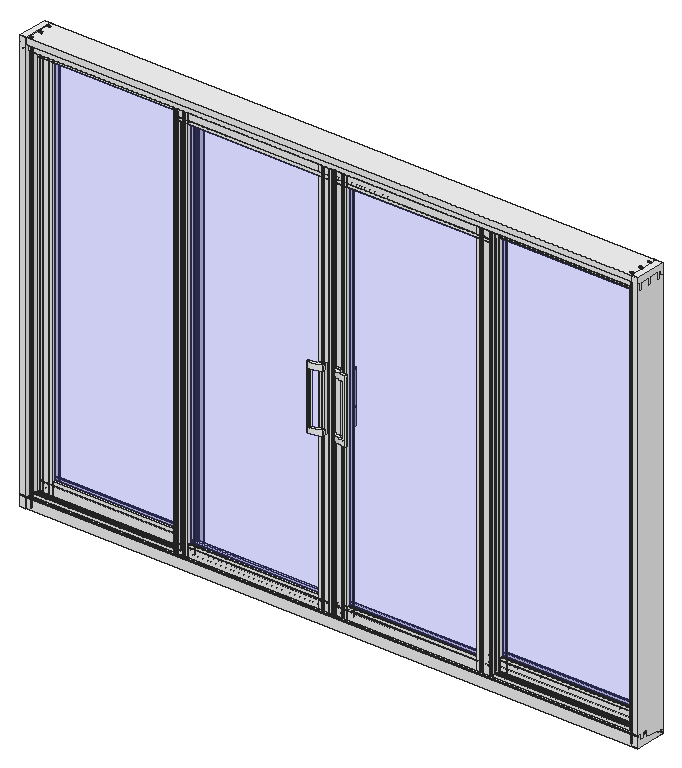
Revit family "Patio-Door_650_4-Light_OXXO_Novatech", category Doors, host Wall, Revit 2026 (continued)
Definition of nested family "NOVATECH 650_4 LIGHT_SASH_X_LEFT"
  Definition of nested family "NOVATECH_650_3 LIGHT_OXO_SASH_O_RIGHT"
    Automatic sketch dimensions
      Extrusion 1 sketch curve to Extrusion 1 sketch curve = 0.01584"
  Definition of nested family "NOVATECH_650_4 LIGHT"
    Parameters (values of type "O_LEFT")
      Length = 91 121/128"
      Frame Material = none
      Default Elevation = 0"
    Reference planes (in)
      plane 1 "Center (Front/Back)": y = 0
      plane 2: z = 0
      plane 3 "Center (Left/Right)": x = 0
      plane 4: z = 91.94531
      plane 5: y = 1.34378
    Forms (in)
      Extrusion 1, solid, material <- "Frame Material"
        sketch origin (0, 0, 0) x (1, 0, 0) y (0, 1, 0)
          loop
            line (0.26968, 2.68949) -> (0.02542, 2.65516)
            arc (0.02542, 2.65516) -> (0.00724, 2.6453) -> (0, 2.62592) r 0.02953
            line (0, 2.62592) -> (0, 0.14573)
            arc (0, 0.14573) -> (0.0173, 0.10398) -> (0.05906, 0.08668) r 0.05906
            line (0.05906, 0.08668) -> (0.37598, 0.08668)
            arc (0.37598, 0.08668) -> (0.41774, 0.10398) -> (0.43504, 0.14573) r 0.05906
            line (0.43504, 0.14573) -> (0.43504, 0.21303)
            arc (0.43504, 0.21303) -> (0.40945, 0.22962) -> (0.38386, 0.21303) r 0.02803
            line (0.38386, 0.21303) -> (0.38386, 0.18154)
            arc (0.38386, 0.18154) -> (0.35827, 0.16396) -> (0.33268, 0.18154) r 0.02742
            line (0.33268, 0.18154) -> (0.33268, 0.45713)
            arc (0.33268, 0.45713) -> (0.35827, 0.47486) -> (0.38386, 0.45713) r 0.02733
            line (0.38386, 0.45713) -> (0.38386, 0.42563)
            arc (0.38386, 0.42563) -> (0.40945, 0.40805) -> (0.43504, 0.42563) r 0.02742
            line (0.43504, 0.42563) -> (0.43504, 0.79534) -> (1.22244, 0.79534) -> (1.22244, 0.42563)
            arc (1.22244, 0.42563) -> (1.24803, 0.40805) -> (1.27362, 0.42563) r 0.02742
            line (1.27362, 0.42563) -> (1.27362, 0.45713)
            arc (1.27362, 0.45713) -> (1.29921, 0.47524) -> (1.3248, 0.45713) r 0.02713
            line (1.3248, 0.45713) -> (1.3248, 0.18154)
            arc (1.3248, 0.18154) -> (1.29921, 0.16434) -> (1.27362, 0.18154) r 0.02764
            line (1.27362, 0.18154) -> (1.27362, 0.21303)
            arc (1.27362, 0.21303) -> (1.24803, 0.23061) -> (1.22244, 0.21303) r 0.02742
            line (1.22244, 0.21303) -> (1.22244, 0.14573)
            arc (1.22244, 0.14573) -> (1.23974, 0.10398) -> (1.2815, 0.08668) r 0.05906
            line (1.2815, 0.08668) -> (1.59843, 0.08668)
            arc (1.59843, 0.08668) -> (1.64018, 0.10398) -> (1.65748, 0.14573) r 0.05906
            line (1.65748, 0.14573) -> (1.65748, 2.00007) -> (1.57874, 2.00007) -> (1.57874, 1.66542) -> (1.38583, 1.66542) -> (1.38583, 1.76384) -> (1.43701, 1.76384) -> (1.43701, 2.00007) -> (1.20669, 2.00007) -> (1.20669, 2.12479) -> (0.33268, 2.12479) -> (0.33268, 1.99959) -> (0.23622, 1.99959) -> (0.23622, 2.64819) -> (0.26968, 2.64819) -> (0.26968, 2.68949)
          loop
            line (1.28937, 2.64819) -> (1.28938, 2.03003)
            arc (1.28938, 2.03003) -> (1.29632, 2.01698) -> (1.31103, 2.01543) r 0.01575
            line (1.31103, 2.01543) -> (1.41782, 2.05168) -> (1.50093, 1.99992) -> (1.49117, 1.87231) -> (1.44649, 1.76171)
            arc (1.44649, 1.76171) -> (1.44092, 1.73158) -> (1.4636, 1.71098) r 0.0315
            arc (1.4636, 1.71098) -> (1.49865, 1.71501) -> (1.52258, 1.74094) r 0.05068
            line (1.52258, 1.74094) -> (1.558, 1.82779) -> (1.57055, 2.0073)
            arc (1.57055, 2.0073) -> (1.58152, 2.02632) -> (1.60344, 2.02757) r 0.02309
            line (1.60344, 2.02757) -> (1.63386, 2.01194)
            arc (1.63386, 2.01194) -> (1.64961, 2.01194) -> (1.65748, 2.02558) r 0.01575
            line (1.65748, 2.02558) -> (1.65748, 2.65803)
            arc (1.65748, 2.65803) -> (1.64883, 2.67891) -> (1.62795, 2.68756) r 0.02953
            line (1.62795, 2.68756) -> (1.26968, 2.68756) -> (1.28937, 2.64819)
          loop
            line (1.65216, 0.06693) -> (1.18018, 0.06693) -> (1.21838, 0.25591) -> (1.26986, 0.25591)
            arc (1.26986, 0.25591) -> (1.28457, 0.26603) -> (1.28036, 0.28339) r 0.01575
            line (1.28036, 0.28339) -> (1.1774, 0.397)
            arc (1.1774, 0.397) -> (1.15456, 0.39997) -> (1.14407, 0.37946) r 0.02
            line (1.14407, 0.37946) -> (1.16159, 0.25591) -> (1.12419, 0.07087) -> (0.53364, 0.07087) -> (0.49624, 0.25591) -> (0.51373, 0.37069)
            arc (0.51373, 0.37069) -> (0.50336, 0.39135) -> (0.48043, 0.38843) r 0.02
            line (0.48043, 0.38843) -> (0.37835, 0.26087)
            arc (0.37835, 0.26087) -> (0.37713, 0.24327) -> (0.39318, 0.23594) r 0.0155
            line (0.39318, 0.23594) -> (0.44274, 0.24478) -> (0.48605, 0.06693) -> (-0.29053, 0.06693) -> (-0.29053, 0.63673) -> (-0.23131, 0.6761) -> (-0.23131, 0.81723) -> (-0.02739, 0.81723) -> (-0.02739, 0.88415) -> (-0.23131, 0.88415) -> (-0.23131, 1.06988) -> (-0.26037, 1.10788) -> (-0.26037, 1.49105) -> (-0.32096, 1.596)
            arc (-0.32096, 1.596) -> (-0.32199, 1.62721) -> (-0.35046, 1.64005) r 0.02953
            arc (-0.35046, 1.64005) -> (-0.37383, 1.63301) -> (-0.38392, 1.61078) r 0.02953
            line (-0.38392, 1.61078) -> (-0.38392, 1.5712) -> (-0.3273, 1.47312) -> (-0.3273, 1.1048)
            arc (-0.3273, 1.1048) -> (-0.33576, 1.08863) -> (-0.35387, 1.08636) r 0.01969
            arc (-0.35387, 1.08636) -> (-0.38767, 1.0621) -> (-0.4006, 1.02255) r 0.06693
            line (-0.4006, 1.02255) -> (-0.40043, 0.97924)
            arc (-0.40043, 0.97924) -> (-0.37484, 0.96174) -> (-0.34925, 0.97924) r 0.02746
            line (-0.34925, 0.97924) -> (-0.34942, 1.01074)
            arc (-0.34942, 1.01074) -> (-0.32383, 1.02832) -> (-0.29824, 1.01074) r 0.02742
            line (-0.29824, 1.01074) -> (-0.29824, 0.73515)
            arc (-0.29824, 0.73515) -> (-0.32383, 0.71804) -> (-0.34942, 0.73515) r 0.02769
            line (-0.34942, 0.73515) -> (-0.34942, 0.77452)
            arc (-0.34942, 0.77452) -> (-0.37501, 0.79231) -> (-0.4006, 0.77452) r 0.0273
            line (-0.4006, 0.77452) -> (-0.4006, 0.72334)
            arc (-0.4006, 0.72334) -> (-0.38877, 0.68534) -> (-0.35745, 0.66078) r 0.06693
            line (-0.35745, 0.66078) -> (-0.35745, 0.07874)
            arc (-0.35745, 0.07874) -> (-0.33439, 0.02306) -> (-0.27871, 0) r 0.07874
            line (-0.27871, 0) -> (1.61613, 0)
            arc (1.61613, 0) -> (1.63764, 0.0064) -> (1.65216, 0.02351) r 0.03937
            line (1.65216, 0.02351) -> (1.65216, 0.06693)
        from 0 to 91.94531
    Dimensions and locks (in)
      "Length": plane 4 to level
      aligned and locked: plane 4 to Extrusion 1
      aligned and locked: Extrusion 1 to plane 2
    Automatic sketch dimensions
      Extrusion 1 sketch curve to Extrusion 1 sketch curve = 0"  (x7)
      Extrusion 1 sketch curve to Extrusion 1 sketch curve = 0.00017"
      Extrusion 1 sketch curve to Extrusion 1 sketch curve = 0.02559"  (x18)
      Extrusion 1 sketch curve to Extrusion 1 sketch curve = 0.04315"
      Extrusion 1 sketch curve to Extrusion 1 sketch curve = 0.02953"  (x2)
      Extrusion 1 sketch curve to Extrusion 1 sketch curve = 0.02542"  (x2)
      Extrusion 1 sketch curve to Extrusion 1 sketch curve = 0.00244"
      Extrusion 1 sketch curve to Extrusion 1 sketch curve = 0.00787"  (x3)
      Extrusion 1 sketch curve to Extrusion 1 sketch curve = 0.01575"  (x5)
      Extrusion 1 sketch curve to Extrusion 1 sketch curve = 0.05662"
      Extrusion 1 sketch curve to Extrusion 1 sketch curve = 0.00984"  (x8)
      Extrusion 1 sketch curve to Extrusion 1 sketch curve = 0.02556"
      Extrusion 1 sketch curve to Extrusion 1 sketch curve = 0.06693"  (x4)
      Extrusion 1 sketch curve to Extrusion 1 sketch curve = 0.01181"  (x3)
      Extrusion 1 sketch curve to Extrusion 1 sketch curve = 0.20393"
      Extrusion 1 sketch curve to Extrusion 1 sketch curve = 0.05906"  (x2)
      Extrusion 1 sketch curve to Extrusion 1 sketch curve = 0.20669"
      Extrusion 1 sketch curve to Extrusion 1 sketch curve = 0.03346"
      Extrusion 1 sketch curve to Extrusion 1 sketch curve = 0.09646"
      Extrusion 1 sketch curve to Extrusion 1 sketch curve = 0.27362"  (x2)
      Extrusion 1 sketch curve to Extrusion 1 sketch curve = 0.04331"
      Extrusion 1 sketch curve to Extrusion 1 sketch curve = 0.02009"
      Extrusion 1 sketch curve to Extrusion 1 sketch curve = 0.0121"
      Extrusion 1 sketch curve to Extrusion 1 sketch curve = 0.00272"
      Extrusion 1 sketch curve to Extrusion 1 sketch curve = 0.05118"  (x2)
      Extrusion 1 sketch curve to Extrusion 1 sketch curve = 0.0077"
      Extrusion 1 sketch curve to Extrusion 1 sketch curve = 0.04539"
      Extrusion 1 sketch curve to Extrusion 1 sketch curve = 0.05101"
      Extrusion 1 sketch curve to Extrusion 1 sketch curve = 0.01353"  (x2)
      Extrusion 1 sketch curve to Extrusion 1 sketch curve = 0.0535"
      Extrusion 1 sketch curve to Extrusion 1 sketch curve = 0.01977"
      Extrusion 1 sketch curve to Extrusion 1 sketch curve = 0.04759"
      Extrusion 1 sketch curve to Extrusion 1 sketch curve = 0.59055"
      Extrusion 1 sketch curve to Extrusion 1 sketch curve = 0.01988"
      Extrusion 1 sketch curve to Extrusion 1 sketch curve = 0.01752"
      Extrusion 1 sketch curve to Extrusion 1 sketch curve = 0.0198"
      Extrusion 1 sketch curve to plane 1 "Center (Front/Back)" = 0.397"
      Extrusion 1 sketch curve to plane 1 "Center (Front/Back)" = 0.06693"
      Extrusion 1 sketch curve to Extrusion 1 sketch curve = 0.05599"
      Extrusion 1 sketch curve to Extrusion 1 sketch curve = 0.87402"
      Extrusion 1 sketch curve to Extrusion 1 sketch curve = 0.05678"
      Extrusion 1 sketch curve to Extrusion 1 sketch curve = 0.00406"
      Extrusion 1 sketch curve to Extrusion 1 sketch curve = 0.04504"
      Extrusion 1 sketch curve to Extrusion 1 sketch curve = 0.06299"
      Extrusion 1 sketch curve to Extrusion 1 sketch curve = 0.05148"
      Extrusion 1 sketch curve to Extrusion 1 sketch curve = 0.0105"
      Extrusion 1 sketch curve to Extrusion 1 sketch curve = 0.01969"
      Extrusion 1 sketch curve to Extrusion 1 sketch curve = 0.08268"
      Extrusion 1 sketch curve to Extrusion 1 sketch curve = 0.0059"
      Extrusion 1 sketch curve to Extrusion 1 sketch curve = 0.0748"
      Extrusion 1 sketch curve to Extrusion 1 sketch curve = 0.1068"
      Extrusion 1 sketch curve to Extrusion 1 sketch curve = 0.00948"
      Extrusion 1 sketch curve to Extrusion 1 sketch curve = 0.02428"
      Extrusion 1 sketch curve to Extrusion 1 sketch curve = 0.00493"
      Extrusion 1 sketch curve to Extrusion 1 sketch curve = 0.01547"
      Extrusion 1 sketch curve to Extrusion 1 sketch curve = 0.06392"
      Extrusion 1 sketch curve to Extrusion 1 sketch curve = 3/64"
      Extrusion 1 sketch curve to Extrusion 1 sketch curve = 0.06683"
      Extrusion 1 sketch curve to Extrusion 1 sketch curve = 0.06962"
      Extrusion 1 sketch curve to Extrusion 1 sketch curve = 0.05616"
      Extrusion 1 sketch curve to Extrusion 1 sketch curve = 0.01489"
      Extrusion 1 sketch curve to Extrusion 1 sketch curve = 0.00981"
      Extrusion 1 sketch curve to Extrusion 1 sketch curve = 0.0177"
      Extrusion 1 sketch curve to Extrusion 1 sketch curve = 0.33858"
      Extrusion 1 sketch curve to Extrusion 1 sketch curve = 0.03042"
      Extrusion 1 sketch curve to Extrusion 1 sketch curve = 0.03604"
      Extrusion 1 sketch curve to Extrusion 1 sketch curve = 0.02756"
      Extrusion 1 sketch curve to Extrusion 1 sketch curve = 0.01586"
      Extrusion 1 sketch curve to Extrusion 1 sketch curve = 0.00394"
      Extrusion 1 sketch curve to Extrusion 1 sketch curve = 0.01975"  (x2)
      Extrusion 1 sketch curve to Extrusion 1 sketch curve = 0.0358"  (x2)
      Extrusion 1 sketch curve to Extrusion 1 sketch curve = 0.01044"
      Extrusion 1 sketch curve to Extrusion 1 sketch curve = 0.02006"
      Extrusion 1 sketch curve to Extrusion 1 sketch curve = 0.02165"  (x2)
      Extrusion 1 sketch curve to Extrusion 1 sketch curve = 0.01144"
      Extrusion 1 sketch curve to Extrusion 1 sketch curve = 0.0229"
      Extrusion 1 sketch curve to Extrusion 1 sketch curve = 0.03175"
      Extrusion 1 sketch curve to Extrusion 1 sketch curve = 0.01526"
      Extrusion 1 sketch curve to Extrusion 1 sketch curve = 0.04287"
      Extrusion 1 sketch curve to Extrusion 1 sketch curve = 0.01112"
      Extrusion 1 sketch curve to Extrusion 1 sketch curve = 0.11478"
      Extrusion 1 sketch curve to Extrusion 1 sketch curve = 0.00301"
      Extrusion 1 sketch curve to Extrusion 1 sketch curve = 0.01754"
      Extrusion 1 sketch curve to Extrusion 1 sketch curve = 0.02863"
      Extrusion 1 sketch curve to Extrusion 1 sketch curve = 0.0372"
      Extrusion 1 sketch curve to Extrusion 1 sketch curve = 0.0219"
      Extrusion 1 sketch curve to Extrusion 1 sketch curve = 0.02248"
      Extrusion 1 sketch curve to Extrusion 1 sketch curve = 0.00902"
      Extrusion 1 sketch curve to Extrusion 1 sketch curve = 0.0096"
      Extrusion 1 sketch curve to Extrusion 1 sketch curve = 0.55799"
      Extrusion 1 sketch curve to Extrusion 1 sketch curve = 0.02405"
      Extrusion 1 sketch curve to Extrusion 1 sketch curve = 0.03937"
      Extrusion 1 sketch curve to Extrusion 1 sketch curve = 0.02239"
      Extrusion 1 sketch curve to Extrusion 1 sketch curve = 0.02986"
      Extrusion 1 sketch curve to Extrusion 1 sketch curve = 0.00951"
      Extrusion 1 sketch curve to Extrusion 1 sketch curve = 0.33821"
      Extrusion 1 sketch curve to Extrusion 1 sketch curve = 0.14113"
      Extrusion 1 sketch curve to Extrusion 1 sketch curve = 0.09509"
      Extrusion 1 sketch curve to Extrusion 1 sketch curve = 0.00995"
      Extrusion 1 sketch curve to Extrusion 1 sketch curve = 0.05914"
      Extrusion 1 sketch curve to Extrusion 1 sketch curve = 0.08225"
      Extrusion 1 sketch curve to Extrusion 1 sketch curve = 0.03799"
      Extrusion 1 sketch curve to Extrusion 1 sketch curve = 0.36832"
      Extrusion 1 sketch curve to Extrusion 1 sketch curve = 0.01793"
      Extrusion 1 sketch curve to Extrusion 1 sketch curve = 0.09808"
      Extrusion 1 sketch curve to Extrusion 1 sketch curve = 0.0248"
      Extrusion 1 sketch curve to Extrusion 1 sketch curve = 0.01478"
      Extrusion 1 sketch curve to Extrusion 1 sketch curve = 0.87008"
      Extrusion 1 sketch curve to Extrusion 1 sketch curve = 0.07552"
      Extrusion 1 sketch curve to Extrusion 1 sketch curve = 0.0007"
      Extrusion 1 sketch curve to Extrusion 1 sketch curve = 0.01855"
      Extrusion 1 sketch curve to Extrusion 1 sketch curve = 0.00151"
      Extrusion 1 sketch curve to Extrusion 1 sketch curve = 0.00214"
      Extrusion 1 sketch curve to Extrusion 1 sketch curve = 0.08685"
      Extrusion 1 sketch curve to Extrusion 1 sketch curve = 0.04452"
      Extrusion 1 sketch curve to Extrusion 1 sketch curve = 0.40359"
      Extrusion 1 sketch curve to Extrusion 1 sketch curve = 0.12761"
      Extrusion 1 sketch curve to Extrusion 1 sketch curve = 0.00014"  (x2)
      Extrusion 1 sketch curve to Extrusion 1 sketch curve = 0.0066"
      Extrusion 1 sketch curve to Extrusion 1 sketch curve = 0.00724"
      Extrusion 1 sketch curve to Extrusion 1 sketch curve = 0.01188"
      Extrusion 1 sketch curve to Extrusion 1 sketch curve = 0.01537"
      Extrusion 1 sketch curve to Extrusion 1 sketch curve = 0.05162"
      Extrusion 1 sketch curve to Extrusion 1 sketch curve = 0.1252"
      Extrusion 1 sketch curve to Extrusion 1 sketch curve = 0.50114"
      Extrusion 1 sketch curve to Extrusion 1 sketch curve = 0.5234"
      Extrusion 1 sketch curve to Extrusion 1 sketch curve = 0.02226"
      Extrusion 1 sketch curve to Extrusion 1 sketch curve = 0.04131"
      Extrusion 1 sketch curve to plane 3 "Center (Left/Right)" = 0"
      Extrusion 1 sketch curve to plane 3 "Center (Left/Right)" = 0.02739"
      Extrusion 1 sketch curve to plane 3 "Center (Left/Right)" = 0.26037"
  Definition of nested family "NOVATECH_650_3 LIGHT_OXO_SASH_O_HEADER1"
    Parameters (values of type "O HEADER")
      Length [instance] = 25.4316"
      Frame Material = none
      Default Elevation = 0"
    Reference planes (in)
      plane 1 "Center (Front/Back)": y = 0
      plane 2: z = 0
      plane 3 "Center (Left/Right)": x = 0
      plane 4: x = 25.4316
    Forms (in)
      Extrusion 1, solid, material <- "Frame Material"
        sketch origin (0, 3.99113, -1.74837) x (0, 1, 0) y (0, 0, 1)
          loop
            line (-2.76869, 4.29213) -> (-2.76869, 4.20908) -> (-2.71751, 4.20908) -> (-2.71751, 4.27208) -> (-2.66633, 4.27208) -> (-2.66633, 3.96499) -> (-2.71751, 3.96499) -> (-2.71751, 4.02798) -> (-2.76869, 4.02798) -> (-2.76869, 3.64252) -> (-3.55609, 3.64252) -> (-3.55609, 4.02798) -> (-3.60728, 4.02798) -> (-3.60728, 3.96499) -> (-3.65846, 3.96499) -> (-3.65846, 4.27208) -> (-3.60728, 4.27208) -> (-3.60728, 4.20908) -> (-3.55609, 4.20908) -> (-3.55609, 4.29213)
            arc (-3.55609, 4.29213) -> (-3.57339, 4.33389) -> (-3.61515, 4.35118) r 0.05906
            line (-3.61515, 4.35118) -> (-3.93208, 4.35118)
            arc (-3.93208, 4.35118) -> (-3.97384, 4.33389) -> (-3.99113, 4.29213) r 0.05906
            line (-3.99113, 4.29213) -> (-3.99113, 1.81194)
            arc (-3.99113, 1.81194) -> (-3.98389, 1.79257) -> (-3.96572, 1.7827) r 0.02953
            line (-3.96572, 1.7827) -> (-3.72145, 1.74837) -> (-3.72145, 1.78968) -> (-3.75491, 1.78968) -> (-3.75491, 2.4378) -> (-3.65663, 2.4378) -> (-3.65663, 2.3126) -> (-2.78262, 2.3126) -> (-2.78262, 2.4378) -> (-2.55413, 2.4378) -> (-2.55413, 2.67402) -> (-2.60531, 2.67402) -> (-2.60531, 2.77244) -> (-2.41239, 2.77244) -> (-2.41239, 2.4378) -> (-2.33365, 2.4378) -> (-2.33365, 4.29213)
            arc (-2.33365, 4.29213) -> (-2.35095, 4.33389) -> (-2.39271, 4.35118) r 0.05906
            line (-2.39271, 4.35118) -> (-2.70964, 4.35118)
            arc (-2.70964, 4.35118) -> (-2.7514, 4.33389) -> (-2.76869, 4.29213) r 0.05906
          loop
            line (-2.33365, 1.77983) -> (-2.33365, 2.41424)
            arc (-2.33365, 2.41424) -> (-2.34153, 2.42788) -> (-2.35728, 2.42788) r 0.01575
            line (-2.35728, 2.42788) -> (-2.3867, 2.41134)
            arc (-2.3867, 2.41134) -> (-2.40913, 2.41876) -> (-2.41969, 2.43989) r 0.03079
            line (-2.41969, 2.43989) -> (-2.43129, 2.60578) -> (-2.46833, 2.69723)
            arc (-2.46833, 2.69723) -> (-2.49406, 2.72434) -> (-2.53137, 2.72666) r 0.05107
            arc (-2.53137, 2.72666) -> (-2.55479, 2.69582) -> (-2.53061, 2.66558) r 0.0315
            line (-2.53061, 2.66558) -> (-2.49742, 2.58344) -> (-2.48648, 2.44027) -> (-2.57331, 2.38618) -> (-2.68011, 2.42243)
            arc (-2.68011, 2.42243) -> (-2.69481, 2.42088) -> (-2.70176, 2.40783) r 0.01575
            line (-2.70176, 2.40783) -> (-2.70176, 1.78968) -> (-2.72145, 1.75031) -> (-2.36318, 1.75031)
            arc (-2.36318, 1.75031) -> (-2.3423, 1.75896) -> (-2.33365, 1.77983) r 0.02953
        from 0 to 25.4316
    Dimensions and locks (in)
      "Length": plane 3 "Center (Left/Right)" to plane 4
      aligned and locked: plane 2 to level
      aligned and locked: plane 4 to Extrusion 1
      aligned and locked: Extrusion 1 to plane 3 "Center (Left/Right)"
    Automatic sketch dimensions
      Extrusion 1 sketch curve to level = 0"
      plane 1 "Center (Front/Back)" to Extrusion 1 sketch curve = 0"
      level to Extrusion 1 sketch curve = 0.03433"
      Extrusion 1 sketch curve to Extrusion 1 sketch curve = 0.02542"
      Extrusion 1 sketch curve to Extrusion 1 sketch curve = 0.02953"
      Extrusion 1 sketch curve to Extrusion 1 sketch curve = 0.05906"
      Extrusion 1 sketch curve to Extrusion 1 sketch curve = 0.20669"
      Extrusion 1 sketch curve to Extrusion 1 sketch curve = 0.03346"
      Extrusion 1 sketch curve to Extrusion 1 sketch curve = 0.27362"  (x2)
      Extrusion 1 sketch curve to Extrusion 1 sketch curve = 0.09828"
      Extrusion 1 sketch curve to Extrusion 1 sketch curve = 0.04331"
      Extrusion 1 sketch curve to Extrusion 1 sketch curve = 0.00787"  (x2)
      Extrusion 1 sketch curve to Extrusion 1 sketch curve = 0.05118"  (x4)
      Extrusion 1 sketch curve to plane 1 "Center (Front/Back)" = 1.20852"
      Extrusion 1 sketch curve to plane 1 "Center (Front/Back)" = 1.22244"  (x2)
      Extrusion 1 sketch curve to plane 1 "Center (Front/Back)" = 1.26968"
      Extrusion 1 sketch curve to plane 1 "Center (Front/Back)" = 1.27362"  (x2)
      Extrusion 1 sketch curve to plane 1 "Center (Front/Back)" = 1.2815"
      Extrusion 1 sketch curve to plane 1 "Center (Front/Back)" = 1.28937"
      Extrusion 1 sketch curve to plane 1 "Center (Front/Back)" = 1.28938"
      Extrusion 1 sketch curve to Extrusion 1 sketch curve = 0.01575"  (x2)
      Extrusion 1 sketch curve to Extrusion 1 sketch curve = 0.0059"
      Extrusion 1 sketch curve to plane 1 "Center (Front/Back)" = 1.38583"
      Extrusion 1 sketch curve to Extrusion 1 sketch curve = 0.1068"
      Extrusion 1 sketch curve to Extrusion 1 sketch curve = 0.01918"
      Extrusion 1 sketch curve to Extrusion 1 sketch curve = 0.02352"
      Extrusion 1 sketch curve to Extrusion 1 sketch curve = 0.00731"
      Extrusion 1 sketch curve to Extrusion 1 sketch curve = 0.01494"
      Extrusion 1 sketch curve to Extrusion 1 sketch curve = 0.03319"
      Extrusion 1 sketch curve to Extrusion 1 sketch curve = 0.06765"
      Extrusion 1 sketch curve to Extrusion 1 sketch curve = 0.04734"
      Extrusion 1 sketch curve to Extrusion 1 sketch curve = 0.06613"
      Extrusion 1 sketch curve to Extrusion 1 sketch curve = 0.06679"
      Extrusion 1 sketch curve to Extrusion 1 sketch curve = 0.0073"
      Extrusion 1 sketch curve to Extrusion 1 sketch curve = 0.02341"
      Extrusion 1 sketch curve to Extrusion 1 sketch curve = 0.00228"
      level to Extrusion 1 sketch curve = 0.00194"
      Extrusion 1 sketch curve to Extrusion 1 sketch curve = 0.33858"
      Extrusion 1 sketch curve to Extrusion 1 sketch curve = 0.02942"
      Extrusion 1 sketch curve to Extrusion 1 sketch curve = 0.02362"
      level to Extrusion 1 sketch curve = 0.04131"  (x2)
      Extrusion 1 sketch curve to Extrusion 1 sketch curve = 0.52292"
      Extrusion 1 sketch curve to Extrusion 1 sketch curve = 0.07358"
      Extrusion 1 sketch curve to Extrusion 1 sketch curve = 0.02165"
      Extrusion 1 sketch curve to Extrusion 1 sketch curve = 0"
      Extrusion 1 sketch curve to Extrusion 1 sketch curve = 0.02516"
      Extrusion 1 sketch curve to Extrusion 1 sketch curve = 0.0029"
      Extrusion 1 sketch curve to Extrusion 1 sketch curve = 0.05162"
      Extrusion 1 sketch curve to Extrusion 1 sketch curve = 0.02356"
      Extrusion 1 sketch curve to Extrusion 1 sketch curve = 0.1252"
      Extrusion 1 sketch curve to Extrusion 1 sketch curve = 0.00209"
      Extrusion 1 sketch curve to Extrusion 1 sketch curve = 0.00038"
      Extrusion 1 sketch curve to Extrusion 1 sketch curve = 0.14318"
      Extrusion 1 sketch curve to Extrusion 1 sketch curve = 0.02234"
      Extrusion 1 sketch curve to Extrusion 1 sketch curve = 0.08214"
      Extrusion 1 sketch curve to Extrusion 1 sketch curve = 0.00844"
      Extrusion 1 sketch curve to Extrusion 1 sketch curve = 0.01248"
      Extrusion 1 sketch curve to Extrusion 1 sketch curve = 0.01815"
      Extrusion 1 sketch curve to Extrusion 1 sketch curve = 0.01917"
      Extrusion 1 sketch curve to Extrusion 1 sketch curve = 0.07521"
      Extrusion 1 sketch curve to Extrusion 1 sketch curve = 1.20472"
      Extrusion 1 sketch curve to Extrusion 1 sketch curve = 0.32247"  (x2)
      Extrusion 1 sketch curve to Extrusion 1 sketch curve = 0.06299"  (x4)
      Extrusion 1 sketch curve to Extrusion 1 sketch curve = 0.1811"  (x2)
      Extrusion 1 sketch curve to Extrusion 1 sketch curve = 0.02005"  (x2)
Definition of nested family "NOVATECH 650_4 LIGHT_SASH_O_LEFT"
  Parameters (values of type "SASH_O_LEFT")
    Width = 28.53711"
    Panel Material = none
    Height = 75 121/128"
    Frame Material = none
    Default Elevation = 0"
  Reference planes (in)
    plane 1 "Center (Front/Back)": y = 0
    plane 2: z = -0.90234
    plane 3 "Center (Left/Right)": x = 0
    plane 4: x = 14.26855
    plane 5: x = -14.26855
    plane 6: z = 75.94531
    plane 7: y = -0.76968
  Forms (in)
    Extrusion 1, solid, material <- "Panel Material"
      sketch origin (53.13027, -4.98098, -7.52132) x (1, 0, 0) y (0, 1, 0)
        loop
          line (-65.36025, 4.64856) -> (-65.36025, 3.77455) -> (-39.6422, 3.77455) -> (-39.6422, 4.64856) -> (-65.36025, 4.64856)
      from 9.56039 to 81.55325
  Dimensions and locks (in)
    "Height": plane 6 to level
    "Width": plane 4 to plane 5
    equal spacing: plane 4, plane 3 "Center (Left/Right)", plane 5
    locked: Extrusion 1 sketch curve to Extrusion 1 sketch curve at 0.87402
    locked: plane 7 to plane 1 "Center (Front/Back)" at 0.76968
    locked: plane 5 to Extrusion 1 at 2.03858
    locked: Extrusion 1 to plane 4 at 0.78048
    locked: plane 6 to Extrusion 1 at 1.91339
    Extrusion 1 to level = 2 5/128"
    level to plane 2 = 231/256"  (x2)
    locked: plane 4 to nested 4 at 1.2552
    locked: plane 4 to nested 3 at 1.2552
    aligned and locked: nested 1 to plane 4
    aligned and locked: nested 3 to plane 1 "Center (Front/Back)"
    aligned and locked: plane 1 "Center (Front/Back)" to nested 4
    aligned and locked: nested 4 to plane 6
    aligned and locked: nested 1 to plane 1 "Center (Front/Back)"
    aligned and locked: plane 1 "Center (Front/Back)" to nested 2
    aligned and locked: nested 1 to plane 2
    aligned and locked: nested 2 to plane 2
    aligned and locked: nested 4 to plane 5
    aligned and locked: nested 2 to plane 5
    aligned and locked: nested 3 to plane 5
  Automatic sketch dimensions
    plane 1 "Center (Front/Back)" to Extrusion 1 sketch curve = 1.20644"
    plane 5 to Extrusion 1 sketch curve = 2.03858"
    Extrusion 1 sketch curve to plane 4 = 0.78048"
  Nested families (in)
    nested 1: "NOVATECH_650_2 LIGHT_SASH_X_RIGHT" at (15.61424, 0, 0) x (0, 1, 0) z (0, 0, 1), type "X_RIGHT"
    nested 2: "NOVATECH_650_2 LIGHT_SASH_X_LEFT" at (-14.26855, 0, 0) x (0, -1, 0) z (0, 0, 1), type "X_LEFT"
    nested 3: "NOVATECH_650_3 LIGHT_OXO_SASH_O_SILL" at (15.52375, 0, -0.89974) x (-1, 0, 0) z (0, 0, 1), type "O SILL"
      with built-in parameter 1001306 2.4827 (stored number, unit not read)
    nested 4: "NOVATECH_650_3 LIGHT_OXO_SASH_O_HEADER" at (-14.26855, 0, 73.3425), type "O HEADER"
      with Length 29.7923"
  Definition of nested family "NOVATECH_650_2 LIGHT_SASH_X_RIGHT"
    Parameters (values of type "NOVATECH_650_2 LIGHT_SASH_X_RIGHT")
      Length = 79 1/2"
      Frame Material = none
      Default Elevation = 0"
    Types (2): name | Length
      NOVATECH_650_2 LIGHT_SASH_X_RIGHT | 79 1/2"
      X_RIGHT | 75 121/128"
    Reference planes (in)
      plane 1 "Center (Front/Back)": y = 0
      plane 2: z = -0.90234
      plane 3 "Center (Left/Right)": x = 0
      plane 4: z = 79.5
      plane 5: y = 1.34568
    Forms (in)
      Extrusion 1, solid, material <- "Frame Material"
        sketch origin (0, 0, 0) x (1, 0, 0) y (0, 1, 0)
          loop
            arc (0, 2.62683) -> (-0.00724, 2.6462) -> (-0.02542, 2.65607) r 0.02953
            line (-0.02542, 2.65607) -> (-0.2697, 2.6904) -> (-0.2697, 2.64909) -> (-0.23622, 2.64909) -> (-0.23622, 2.00097) -> (-0.33269, 2.00097) -> (-0.33269, 2.12617) -> (-1.20671, 2.12617) -> (-1.20671, 2.00097) -> (-1.43701, 2.00097) -> (-1.43701, 1.76475) -> (-1.38583, 1.76475) -> (-1.38583, 1.66632) -> (-1.57874, 1.66632) -> (-1.57874, 2.00097) -> (-1.65748, 2.00097) -> (-1.65748, 0.14954)
            arc (-1.65748, 0.14954) -> (-1.64018, 0.10778) -> (-1.59843, 0.09049) r 0.05906
            line (-1.59843, 0.09049) -> (-1.2815, 0.09049)
            arc (-1.2815, 0.09049) -> (-1.23974, 0.10778) -> (-1.22244, 0.14954) r 0.05906
            line (-1.22244, 0.14954) -> (-1.22244, 0.21684)
            arc (-1.22244, 0.21684) -> (-1.24803, 0.23208) -> (-1.27362, 0.21684) r 0.02911
            line (-1.27362, 0.21684) -> (-1.27362, 0.18534)
            arc (-1.27362, 0.18534) -> (-1.29921, 0.16614) -> (-1.3248, 0.18534) r 0.02665
            line (-1.3248, 0.18534) -> (-1.3248, 0.46093)
            arc (-1.3248, 0.46093) -> (-1.29921, 0.47787) -> (-1.27362, 0.46093) r 0.0278
            line (-1.27362, 0.46093) -> (-1.27362, 0.42944)
            arc (-1.27362, 0.42944) -> (-1.24803, 0.41044) -> (-1.22244, 0.42944) r 0.02674
            line (-1.22244, 0.42944) -> (-1.22244, 0.79915) -> (-0.43504, 0.79915) -> (-0.43504, 0.42944)
            arc (-0.43504, 0.42944) -> (-0.40945, 0.41134) -> (-0.38386, 0.42944) r 0.02714
            line (-0.38386, 0.42944) -> (-0.38386, 0.46093)
            arc (-0.38386, 0.46093) -> (-0.35827, 0.47851) -> (-0.33268, 0.46093) r 0.02742
            line (-0.33268, 0.46093) -> (-0.33268, 0.18534)
            arc (-0.33268, 0.18534) -> (-0.35827, 0.16767) -> (-0.38386, 0.18534) r 0.02737
            line (-0.38386, 0.18534) -> (-0.38386, 0.21684)
            arc (-0.38386, 0.21684) -> (-0.40945, 0.23441) -> (-0.43504, 0.21684) r 0.02742
            line (-0.43504, 0.21684) -> (-0.43504, 0.14954)
            arc (-0.43504, 0.14954) -> (-0.41774, 0.10778) -> (-0.37598, 0.09049) r 0.05906
            line (-0.37598, 0.09049) -> (-0.05906, 0.09049)
            arc (-0.05906, 0.09049) -> (-0.0173, 0.10778) -> (0, 0.14954) r 0.05906
            line (0, 0.14954) -> (0, 2.62683)
          loop
            line (-1.26968, 2.68846) -> (-1.63186, 2.68846)
            arc (-1.63186, 2.68846) -> (-1.65274, 2.67981) -> (-1.66139, 2.65893) r 0.02953
            line (-1.66139, 2.65893) -> (-1.66139, 2.02844)
            arc (-1.66139, 2.02844) -> (-1.65351, 2.0148) -> (-1.63776, 2.0148) r 0.01575
            line (-1.63776, 2.0148) -> (-1.60447, 2.02486)
            arc (-1.60447, 2.02486) -> (-1.5765, 2.01859) -> (-1.56742, 1.9914) r 0.02915
            line (-1.56742, 1.9914) -> (-1.55564, 1.8229) -> (-1.5226, 1.74185)
            arc (-1.5226, 1.74185) -> (-1.49938, 1.71629) -> (-1.46518, 1.71155) r 0.05066
            arc (-1.46518, 1.71155) -> (-1.44119, 1.73172) -> (-1.44649, 1.76261) r 0.0315
            line (-1.44649, 1.76261) -> (-1.49117, 1.87321) -> (-1.50093, 2.00082) -> (-1.41782, 2.05259) -> (-1.31103, 2.01634)
            arc (-1.31103, 2.01634) -> (-1.29632, 2.01788) -> (-1.28938, 2.03094) r 0.01575
            line (-1.28938, 2.03094) -> (-1.28937, 2.64909) -> (-1.26968, 2.68846)
          loop
            line (-0.00211, 0.03937) -> (-0.00211, 0.07978)
            arc (-0.00211, 0.07978) -> (-0.03593, 0.08542) -> (-0.06479, 0.06693) r 0.04772
            line (-0.06479, 0.06693) -> (-0.47548, 0.06693) -> (-0.43728, 0.25591) -> (-0.38775, 0.25591)
            arc (-0.38775, 0.25591) -> (-0.37304, 0.26603) -> (-0.37725, 0.28339) r 0.01575
            line (-0.37725, 0.28339) -> (-0.48021, 0.397)
            arc (-0.48021, 0.397) -> (-0.50305, 0.39997) -> (-0.51354, 0.37946) r 0.02
            line (-0.51354, 0.37946) -> (-0.49602, 0.25591) -> (-0.53342, 0.07087) -> (-1.12397, 0.07087) -> (-1.16137, 0.25591) -> (-1.14388, 0.37069)
            arc (-1.14388, 0.37069) -> (-1.15425, 0.39135) -> (-1.17718, 0.38843) r 0.02
            line (-1.17718, 0.38843) -> (-1.26861, 0.27418)
            arc (-1.26861, 0.27418) -> (-1.27096, 0.25494) -> (-1.2548, 0.24424) r 0.01844
            line (-1.2548, 0.24424) -> (-1.21775, 0.24424) -> (-1.18191, 0.06693) -> (-1.90877, 0.06693)
            arc (-1.90877, 0.06693) -> (-1.9366, 0.07846) -> (-1.94814, 0.1063) r 0.03937
            line (-1.94814, 0.1063) -> (-1.94814, 0.65351) -> (-1.88892, 0.65351) -> (-1.88892, 0.81432) -> (-1.67827, 0.81432) -> (-1.67827, 0.88125) -> (-1.88892, 0.88125) -> (-1.88892, 1.06698) -> (-1.91798, 1.10498) -> (-1.91798, 1.48815) -> (-1.97857, 1.5931)
            arc (-1.97857, 1.5931) -> (-1.9796, 1.62431) -> (-2.00807, 1.63715) r 0.02953
            arc (-2.00807, 1.63715) -> (-2.03144, 1.63011) -> (-2.04153, 1.60788) r 0.02953
            line (-2.04153, 1.60788) -> (-2.04153, 1.56829) -> (-1.98491, 1.47022) -> (-1.98491, 1.1019)
            arc (-1.98491, 1.1019) -> (-1.99337, 1.08572) -> (-2.01148, 1.08346) r 0.01969
            arc (-2.01148, 1.08346) -> (-2.04528, 1.05919) -> (-2.05821, 1.01965) r 0.06693
            line (-2.05821, 1.01965) -> (-2.05804, 0.97634)
            arc (-2.05804, 0.97634) -> (-2.03245, 0.95756) -> (-2.00686, 0.97634) r 0.02682
            line (-2.00686, 0.97634) -> (-2.00703, 1.00784)
            arc (-2.00703, 1.00784) -> (-1.98144, 1.02746) -> (-1.95585, 1.00784) r 0.0265
            line (-1.95585, 1.00784) -> (-1.95585, 0.73225)
            arc (-1.95585, 0.73225) -> (-1.98144, 0.71367) -> (-2.00703, 0.73225) r 0.02691
            line (-2.00703, 0.73225) -> (-2.00703, 0.77162)
            arc (-2.00703, 0.77162) -> (-2.03262, 0.78801) -> (-2.05821, 0.77162) r 0.02817
            line (-2.05821, 0.77162) -> (-2.05821, 0.72044)
            arc (-2.05821, 0.72044) -> (-2.04638, 0.68244) -> (-2.01506, 0.65787) r 0.06693
            line (-2.01506, 0.65787) -> (-2.01506, 0.07874)
            arc (-2.01506, 0.07874) -> (-1.992, 0.02306) -> (-1.93632, 0) r 0.07874
            line (-1.93632, 0) -> (-0.04148, 0)
            arc (-0.04148, 0) -> (-0.01364, 0.01153) -> (-0.00211, 0.03937) r 0.03937
        from -0.90234 to 79.5
    Dimensions and locks (in)
      "Length": plane 4 to level
      locked: level to plane 2 at 0.90234
      aligned and locked: plane 4 to Extrusion 1
      aligned and locked: Extrusion 1 to plane 2
    Automatic sketch dimensions
      plane 1 "Center (Front/Back)" to Extrusion 1 sketch curve = 0"
      Extrusion 1 sketch curve to plane 5 = 0.32603"
      Extrusion 1 sketch curve to plane 3 "Center (Left/Right)" = 2.05821"
      Extrusion 1 sketch curve to Extrusion 1 sketch curve = 0"  (x3)
      Extrusion 1 sketch curve to plane 5 = 0.36934"  (x2)
      Extrusion 1 sketch curve to Extrusion 1 sketch curve = 0.00017"
      plane 5 to Extrusion 1 sketch curve = 0.2622"
      Extrusion 1 sketch curve to Extrusion 1 sketch curve = 0.01668"
      Extrusion 1 sketch curve to Extrusion 1 sketch curve = 0.02559"  (x18)
      Extrusion 1 sketch curve to plane 1 "Center (Front/Back)" = 0.07874"
      Extrusion 1 sketch curve to Extrusion 1 sketch curve = 0.04315"
      Extrusion 1 sketch curve to Extrusion 1 sketch curve = 0.02953"  (x2)
      Extrusion 1 sketch curve to plane 5 = 0.33784"
      Extrusion 1 sketch curve to Extrusion 1 sketch curve = 0.02542"
      Extrusion 1 sketch curve to Extrusion 1 sketch curve = 0.00244"
      Extrusion 1 sketch curve to Extrusion 1 sketch curve = 0.00787"  (x3)
      Extrusion 1 sketch curve to Extrusion 1 sketch curve = 0.01575"  (x4)
      Extrusion 1 sketch curve to Extrusion 1 sketch curve = 0.05662"
      Extrusion 1 sketch curve to Extrusion 1 sketch curve = 0.00984"  (x5)
      plane 5 to Extrusion 1 sketch curve = 0.24742"
      Extrusion 1 sketch curve to Extrusion 1 sketch curve = 0.02556"
      Extrusion 1 sketch curve to Extrusion 1 sketch curve = 0.06693"  (x3)
      Extrusion 1 sketch curve to Extrusion 1 sketch curve = 0.02756"
      Extrusion 1 sketch curve to Extrusion 1 sketch curve = 0.05921"
      Extrusion 1 sketch curve to Extrusion 1 sketch curve = 0.21066"
      Extrusion 1 sketch curve to Extrusion 1 sketch curve = 0.31718"
      Extrusion 1 sketch curve to Extrusion 1 sketch curve = 1/256"
      plane 5 to Extrusion 1 sketch curve = 0.66912"
      plane 5 to Extrusion 1 sketch curve = 0.67918"
      Extrusion 1 sketch curve to Extrusion 1 sketch curve = 0.0333"
      Extrusion 1 sketch curve to Extrusion 1 sketch curve = 0.05906"  (x3)
      Extrusion 1 sketch curve to Extrusion 1 sketch curve = 0.00843"
      Extrusion 1 sketch curve to Extrusion 1 sketch curve = 0.0173"
      plane 5 to Extrusion 1 sketch curve = 0.64572"
      Extrusion 1 sketch curve to Extrusion 1 sketch curve = 0.01132"
      plane 5 to Extrusion 1 sketch curve = 0.47721"
      Extrusion 1 sketch curve to Extrusion 1 sketch curve = 0.0231"
      plane 5 to Extrusion 1 sketch curve = 0.39617"
      Extrusion 1 sketch curve to Extrusion 1 sketch curve = 0.03304"
      plane 5 to Extrusion 1 sketch curve = 0.65514"
      Extrusion 1 sketch curve to Extrusion 1 sketch curve = 0.0665"
      plane 5 to Extrusion 1 sketch curve = 0.52753"
      Extrusion 1 sketch curve to Extrusion 1 sketch curve = 0.06447"
      Extrusion 1 sketch curve to Extrusion 1 sketch curve = 3/64"
      Extrusion 1 sketch curve to Extrusion 1 sketch curve = 0.00498"
      plane 5 to Extrusion 1 sketch curve = 0.41693"
      Extrusion 1 sketch curve to Extrusion 1 sketch curve = 0.02926"
      Extrusion 1 sketch curve to Extrusion 1 sketch curve = 0.06392"
      plane 5 to Extrusion 1 sketch curve = 0.70691"
      Extrusion 1 sketch curve to Extrusion 1 sketch curve = 0.01918"
      Extrusion 1 sketch curve to Extrusion 1 sketch curve = 0.05118"
      Extrusion 1 sketch curve to Extrusion 1 sketch curve = 0.27362"
      plane 5 to Extrusion 1 sketch curve = 0.67066"
      Extrusion 1 sketch curve to Extrusion 1 sketch curve = 0.1068"
      Extrusion 1 sketch curve to Extrusion 1 sketch curve = 0.0059"
      plane 5 to Extrusion 1 sketch curve = 0.68526"
      Extrusion 1 sketch curve to Extrusion 1 sketch curve = 0.34249"
      Extrusion 1 sketch curve to Extrusion 1 sketch curve = 0.01772"
      Extrusion 1 sketch curve to Extrusion 1 sketch curve = 0.01969"
      Extrusion 1 sketch curve to plane 1 "Center (Front/Back)" = 0.27418"
      Extrusion 1 sketch curve to Extrusion 1 sketch curve = 0.00501"
      Extrusion 1 sketch curve to Extrusion 1 sketch curve = 0.0138"
      Extrusion 1 sketch curve to Extrusion 1 sketch curve = 0.00059"
      Extrusion 1 sketch curve to plane 1 "Center (Front/Back)" = 0.24424"
      Extrusion 1 sketch curve to Extrusion 1 sketch curve = 0.00469"
      Extrusion 1 sketch curve to Extrusion 1 sketch curve = 0.08267"
      Extrusion 1 sketch curve to plane 1 "Center (Front/Back)" = 0.06693"  (x2)
      Extrusion 1 sketch curve to Extrusion 1 sketch curve = 0.04053"
      Extrusion 1 sketch curve to plane 1 "Center (Front/Back)" = 0.38843"
      Extrusion 1 sketch curve to Extrusion 1 sketch curve = 0.04526"
      Extrusion 1 sketch curve to Extrusion 1 sketch curve = 0.01353"  (x2)
      Extrusion 1 sketch curve to plane 1 "Center (Front/Back)" = 0.25591"  (x3)
      Extrusion 1 sketch curve to Extrusion 1 sketch curve = 0.05638"
      Extrusion 1 sketch curve to plane 1 "Center (Front/Back)" = 0.37069"
      Extrusion 1 sketch curve to Extrusion 1 sketch curve = 0.01977"
      Extrusion 1 sketch curve to plane 1 "Center (Front/Back)" = 0.07087"
      Extrusion 1 sketch curve to Extrusion 1 sketch curve = 0.05794"  (x2)
      Extrusion 1 sketch curve to Extrusion 1 sketch curve = 0.59055"
      Extrusion 1 sketch curve to plane 1 "Center (Front/Back)" = 0.37946"
      Extrusion 1 sketch curve to Extrusion 1 sketch curve = 0.01988"
      Extrusion 1 sketch curve to Extrusion 1 sketch curve = 0.01752"
      Extrusion 1 sketch curve to Extrusion 1 sketch curve = 0.0198"
      Extrusion 1 sketch curve to plane 1 "Center (Front/Back)" = 0.397"
      Extrusion 1 sketch curve to Extrusion 1 sketch curve = 0.05874"
      Extrusion 1 sketch curve to Extrusion 1 sketch curve = 0.04517"
      Extrusion 1 sketch curve to Extrusion 1 sketch curve = 0.00224"
      Extrusion 1 sketch curve to Extrusion 1 sketch curve = 0.04953"
      Extrusion 1 sketch curve to plane 1 "Center (Front/Back)" = 0.28339"
      Extrusion 1 sketch curve to Extrusion 1 sketch curve = 0.0105"
      Extrusion 1 sketch curve to Extrusion 1 sketch curve = 0.87402"
      Extrusion 1 sketch curve to Extrusion 1 sketch curve = 0.06299"
      Extrusion 1 sketch curve to Extrusion 1 sketch curve = 0.03348"
      Extrusion 1 sketch curve to Extrusion 1 sketch curve = 0.26789"
      Extrusion 1 sketch curve to Extrusion 1 sketch curve = 0.00574"
      Extrusion 1 sketch curve to Extrusion 1 sketch curve = 0.02331"
      Extrusion 1 sketch curve to Extrusion 1 sketch curve = 0.20669"
      Extrusion 1 sketch curve to Extrusion 1 sketch curve = 0.01514"
      Extrusion 1 sketch curve to Extrusion 1 sketch curve = 0.00411"
      Extrusion 1 sketch curve to Extrusion 1 sketch curve = 0.02423"
      Extrusion 1 sketch curve to Extrusion 1 sketch curve = 0.0007"
      Extrusion 1 sketch curve to plane 1 "Center (Front/Back)" = 0.09049"
      Extrusion 1 sketch curve to Extrusion 1 sketch curve = 0.02356"
      Extrusion 1 sketch curve to Extrusion 1 sketch curve = 0.0358"  (x2)
      Extrusion 1 sketch curve to Extrusion 1 sketch curve = 0.00745"
      Extrusion 1 sketch curve to Extrusion 1 sketch curve = 0.0097"
      Extrusion 1 sketch curve to Extrusion 1 sketch curve = 0.01763"
      Extrusion 1 sketch curve to Extrusion 1 sketch curve = 0.02165"  (x2)
      Extrusion 1 sketch curve to Extrusion 1 sketch curve = 0.01387"
      Extrusion 1 sketch curve to Extrusion 1 sketch curve = 0.04101"
      Extrusion 1 sketch curve to Extrusion 1 sketch curve = 0.03244"
      Extrusion 1 sketch curve to Extrusion 1 sketch curve = 0.00774"
      Extrusion 1 sketch curve to Extrusion 1 sketch curve = 0.00904"
      Extrusion 1 sketch curve to Extrusion 1 sketch curve = 0.02064"
      Extrusion 1 sketch curve to Extrusion 1 sketch curve = 0.01086"
      Extrusion 1 sketch curve to Extrusion 1 sketch curve = 0.32283"
      Extrusion 1 sketch curve to Extrusion 1 sketch curve = 0.00437"
      Extrusion 1 sketch curve to Extrusion 1 sketch curve = 0.01181"
      Extrusion 1 sketch curve to Extrusion 1 sketch curve = 0.02015"
      Extrusion 1 sketch curve to Extrusion 1 sketch curve = 0.0276"
      Extrusion 1 sketch curve to Extrusion 1 sketch curve = 0.01177"
      Extrusion 1 sketch curve to Extrusion 1 sketch curve = 0.33821"
      Extrusion 1 sketch curve to Extrusion 1 sketch curve = 0.08207"
      Extrusion 1 sketch curve to Extrusion 1 sketch curve = 0.00804"
      Extrusion 1 sketch curve to Extrusion 1 sketch curve = 0.01869"
      Extrusion 1 sketch curve to Extrusion 1 sketch curve = 0.05914"
      Extrusion 1 sketch curve to Extrusion 1 sketch curve = 0.08225"
      Extrusion 1 sketch curve to Extrusion 1 sketch curve = 0.03799"
      Extrusion 1 sketch curve to Extrusion 1 sketch curve = 0.12288"
      Extrusion 1 sketch curve to Extrusion 1 sketch curve = 0.01793"
      Extrusion 1 sketch curve to Extrusion 1 sketch curve = 0.03959"
      Extrusion 1 sketch curve to Extrusion 1 sketch curve = 0.07552"
      Extrusion 1 sketch curve to Extrusion 1 sketch curve = 0.02006"
      Extrusion 1 sketch curve to Extrusion 1 sketch curve = 0.01855"
      Extrusion 1 sketch curve to Extrusion 1 sketch curve = 0.00214"
      Extrusion 1 sketch curve to Extrusion 1 sketch curve = 0.02997"
      Extrusion 1 sketch curve to Extrusion 1 sketch curve = 0.01383"
      plane 5 to Extrusion 1 sketch curve = 0.65529"
      Extrusion 1 sketch curve to Extrusion 1 sketch curve = 0.1252"
      Extrusion 1 sketch curve to Extrusion 1 sketch curve = 0.50066"
      Extrusion 1 sketch curve to Extrusion 1 sketch curve = 0.52292"
      Extrusion 1 sketch curve to Extrusion 1 sketch curve = 0.02226"
      Extrusion 1 sketch curve to Extrusion 1 sketch curve = 0.04131"
  Definition of nested family "NOVATECH_650_2 LIGHT_SASH_X_LEFT"
    Parameters (values of type "X_LEFT")
      Length = 75 121/128"
      Frame Material = none
      Default Elevation = 0"
    Reference planes (in)
      plane 1 "Center (Front/Back)": y = 0
      plane 2: z = -0.90234
      plane 3 "Center (Left/Right)": x = 0
      plane 4: z = 75.94531
    Forms (in)
      Extrusion 1, solid, material <- "Frame Material"
        sketch origin (0, 0, 0) x (1, 0, 0) y (0, 1, 0)
          loop
            line (0, 2.53924) -> (0, 0.05906)
            arc (0, 0.05906) -> (0.0173, 0.0173) -> (0.05906, 0) r 0.05906
            line (0.05906, 0) -> (0.37598, 0)
            arc (0.37598, 0) -> (0.41774, 0.0173) -> (0.43504, 0.05906) r 0.05906
            line (0.43504, 0.05906) -> (0.43504, 0.1421) -> (0.38386, 0.1421) -> (0.38386, 0.07911) -> (0.33268, 0.07911) -> (0.33268, 0.3862) -> (0.38386, 0.3862) -> (0.38386, 0.3232) -> (0.43504, 0.3232) -> (0.43504, 0.70866) -> (1.22244, 0.70866) -> (1.22244, 0.3232) -> (1.27362, 0.3232) -> (1.27362, 0.3862) -> (1.3248, 0.3862) -> (1.3248, 0.07911) -> (1.27362, 0.07911) -> (1.27362, 0.1421) -> (1.22244, 0.1421) -> (1.22244, 0.05906)
            arc (1.22244, 0.05906) -> (1.23974, 0.0173) -> (1.2815, 0) r 0.05906
            line (1.2815, 0) -> (1.59843, 0)
            arc (1.59843, 0) -> (1.64018, 0.0173) -> (1.65748, 0.05906) r 0.05906
            line (1.65748, 0.05906) -> (1.65748, 1.91339) -> (1.57874, 1.91339) -> (1.57874, 1.57874) -> (1.38583, 1.57874) -> (1.38583, 1.67717) -> (1.43701, 1.67717) -> (1.43701, 1.91339) -> (1.20669, 1.91339) -> (1.20669, 2.03858) -> (0.33268, 2.03858) -> (0.33268, 1.91339) -> (0.23622, 1.91339) -> (0.23622, 2.56151) -> (0.26968, 2.56151) -> (0.26968, 2.60281) -> (0.02542, 2.56849)
            arc (0.02542, 2.56849) -> (0.00724, 2.55862) -> (0, 2.53924) r 0.02953
          loop
            arc (1.65748, 2.57135) -> (1.64883, 2.59223) -> (1.62795, 2.60088) r 0.02953
            line (1.62795, 2.60088) -> (1.26968, 2.60088) -> (1.28937, 2.56151) -> (1.28938, 1.94336)
            arc (1.28938, 1.94336) -> (1.29632, 1.9303) -> (1.31103, 1.92876) r 0.01575
            line (1.31103, 1.92876) -> (1.41782, 1.965) -> (1.50093, 1.91324) -> (1.49117, 1.78563) -> (1.44789, 1.67851)
            arc (1.44789, 1.67851) -> (1.43807, 1.64813) -> (1.45984, 1.62477) r 0.0315
            arc (1.45984, 1.62477) -> (1.49705, 1.62705) -> (1.52275, 1.65406) r 0.05095
            line (1.52275, 1.65406) -> (1.55561, 1.73494) -> (1.56866, 1.9215)
            arc (1.56866, 1.9215) -> (1.57751, 1.93977) -> (1.59722, 1.94463) r 0.02387
            line (1.59722, 1.94463) -> (1.63386, 1.92331)
            arc (1.63386, 1.92331) -> (1.64961, 1.92331) -> (1.65748, 1.93695) r 0.01575
            line (1.65748, 1.93695) -> (1.65748, 2.57135)
        from -0.90234 to 75.94531
    Dimensions and locks (in)
      "Length": plane 4 to level
      locked: level to plane 2 at 0.90234
      aligned and locked: plane 4 to Extrusion 1
      aligned and locked: Extrusion 1 to plane 2
    Automatic sketch dimensions
      Extrusion 1 sketch curve to plane 3 "Center (Left/Right)" = 0"
      plane 1 "Center (Front/Back)" to Extrusion 1 sketch curve = 0"  (x2)
      plane 3 "Center (Left/Right)" to Extrusion 1 sketch curve = 0.02542"
      Extrusion 1 sketch curve to Extrusion 1 sketch curve = 0.02953"
      plane 3 "Center (Left/Right)" to Extrusion 1 sketch curve = 0.05906"
      plane 3 "Center (Left/Right)" to Extrusion 1 sketch curve = 0.23622"
      Extrusion 1 sketch curve to Extrusion 1 sketch curve = 0.03346"
      Extrusion 1 sketch curve to Extrusion 1 sketch curve = 0.09646"
      Extrusion 1 sketch curve to plane 1 "Center (Front/Back)" = 0.07911"
      Extrusion 1 sketch curve to Extrusion 1 sketch curve = 0.27362"  (x2)
      Extrusion 1 sketch curve to Extrusion 1 sketch curve = 0.04331"
      Extrusion 1 sketch curve to Extrusion 1 sketch curve = 0.00787"  (x3)
      Extrusion 1 sketch curve to Extrusion 1 sketch curve = 0.05118"  (x6)
      Extrusion 1 sketch curve to plane 1 "Center (Front/Back)" = 0.1421"
      Extrusion 1 sketch curve to Extrusion 1 sketch curve = 0.01969"
      Extrusion 1 sketch curve to Extrusion 1 sketch curve = 0.08268"
      Extrusion 1 sketch curve to Extrusion 1 sketch curve = 0.01575"  (x2)
      Extrusion 1 sketch curve to Extrusion 1 sketch curve = 0.0059"
      Extrusion 1 sketch curve to Extrusion 1 sketch curve = 0.1068"
      Extrusion 1 sketch curve to Extrusion 1 sketch curve = 0.01918"
      Extrusion 1 sketch curve to Extrusion 1 sketch curve = 0.01089"
      Extrusion 1 sketch curve to Extrusion 1 sketch curve = 0.02092"
      Extrusion 1 sketch curve to Extrusion 1 sketch curve = 0.00674"
      Extrusion 1 sketch curve to Extrusion 1 sketch curve = 1/64"
      Extrusion 1 sketch curve to Extrusion 1 sketch curve = 0.06392"
      Extrusion 1 sketch curve to Extrusion 1 sketch curve = 0.0472"
      Extrusion 1 sketch curve to Extrusion 1 sketch curve = 0.06444"
      Extrusion 1 sketch curve to Extrusion 1 sketch curve = 0.06773"
      Extrusion 1 sketch curve to Extrusion 1 sketch curve = 0.01379"
      Extrusion 1 sketch curve to Extrusion 1 sketch curve = 0.00468"
      Extrusion 1 sketch curve to Extrusion 1 sketch curve = 0.02005"
      Extrusion 1 sketch curve to Extrusion 1 sketch curve = 0.06299"  (x4)
      Extrusion 1 sketch curve to Extrusion 1 sketch curve = 0.1811"  (x2)
      Extrusion 1 sketch curve to Extrusion 1 sketch curve = 0.32247"
      Extrusion 1 sketch curve to Extrusion 1 sketch curve = 0.87008"
      Extrusion 1 sketch curve to Extrusion 1 sketch curve = 0.07532"
      Extrusion 1 sketch curve to Extrusion 1 sketch curve = 0.00091"
      Extrusion 1 sketch curve to Extrusion 1 sketch curve = 0.01827"
      Extrusion 1 sketch curve to Extrusion 1 sketch curve = 0.0222"
      Extrusion 1 sketch curve to Extrusion 1 sketch curve = 0.00135"
      Extrusion 1 sketch curve to Extrusion 1 sketch curve = 0.08088"
      Extrusion 1 sketch curve to Extrusion 1 sketch curve = 0.05069"
      Extrusion 1 sketch curve to Extrusion 1 sketch curve = 0.12761"
      Extrusion 1 sketch curve to Extrusion 1 sketch curve = 0.00014"  (x2)
      Extrusion 1 sketch curve to Extrusion 1 sketch curve = 0"  (x3)
      Extrusion 1 sketch curve to Extrusion 1 sketch curve = 0.00784"
      Extrusion 1 sketch curve to Extrusion 1 sketch curve = 0.00812"
      Extrusion 1 sketch curve to Extrusion 1 sketch curve = 0.00992"
      Extrusion 1 sketch curve to Extrusion 1 sketch curve = 0.01537"
      Extrusion 1 sketch curve to Extrusion 1 sketch curve = 0.05162"
      Extrusion 1 sketch curve to Extrusion 1 sketch curve = 0.1252"
      Extrusion 1 sketch curve to Extrusion 1 sketch curve = 0.50066"
      Extrusion 1 sketch curve to Extrusion 1 sketch curve = 0.52292"
      Extrusion 1 sketch curve to Extrusion 1 sketch curve = 0.02226"
      Extrusion 1 sketch curve to Extrusion 1 sketch curve = 0.00984"
      Extrusion 1 sketch curve to Extrusion 1 sketch curve = 0.04131"
      Extrusion 1 sketch curve to Extrusion 1 sketch curve = 0.87402"
      Extrusion 1 sketch curve to Extrusion 1 sketch curve = 0.7874"
      Extrusion 1 sketch curve to Extrusion 1 sketch curve = 0.07402"
      Extrusion 1 sketch curve to Extrusion 1 sketch curve = 0.05599"
      Extrusion 1 sketch curve to Extrusion 1 sketch curve = 0.33858"
      Extrusion 1 sketch curve to Extrusion 1 sketch curve = 0.04132"
      Extrusion 1 sketch curve to Extrusion 1 sketch curve = 0.05906"
  Definition of nested family "NOVATECH_650_3 LIGHT_OXO_SASH_O_SILL"
    Parameters (values of type "O SILL")
      built-in parameter 1001306 [instance] = 48"
      Frame Material = none
      Default Elevation = 0"
    Reference planes (in)
      plane 1 "Center (Front/Back)": y = 0
      plane 2: z = 0
      plane 3 "Left": x = 0
      plane 4 "Right": x = 48
    Forms (in)
      Extrusion 1, solid, material <- "Frame Material"
        sketch origin (0, 1.73783, -0.73585) x (0, 1, 0) y (0, 0, 1)
          loop
            line (-1.73783, 0.74728) -> (-1.66284, 0.76031) -> (-1.66284, 1.06506) -> (-1.2259, 1.11871) -> (-1.2259, 0.89525) -> (-1.15091, 0.90723) -> (-1.15091, 1.25234) -> (-0.66331, 1.31761) -> (-0.66331, 0.9543) -> (-0.58836, 0.9543) -> (-0.58836, 1.56157) -> (-0.15898, 1.56157) -> (-0.15898, 1.16397) -> (-0.15898, 1.0419) -> (-0.08399, 1.05192) -> (-0.08399, 1.54657)
            arc (-0.08399, 1.54657) -> (-0.11035, 1.6102) -> (-0.17398, 1.63656) r 0.08999
            line (-0.17398, 1.63656) -> (-0.59596, 1.63656) -> (-0.59596, 2.1593)
            arc (-0.59596, 2.1593) -> (-0.53868, 2.17872) -> (-0.57444, 2.2275) r 0.0375
            line (-0.57444, 2.2275) -> (-1.24738, 2.2275)
            arc (-1.24738, 2.2275) -> (-1.28314, 2.17875) -> (-1.2259, 2.15927) r 0.0375
            line (-1.2259, 2.15927) -> (-1.2259, 1.63656) -> (-1.56485, 1.63656) -> (-1.56485, 1.44958) -> (-1.66284, 1.44958) -> (-1.66284, 1.61656) -> (-1.71283, 1.61656)
            arc (-1.71283, 1.61656) -> (-1.73051, 1.60924) -> (-1.73783, 1.59156) r 0.025
            line (-1.73783, 1.59156) -> (-1.73783, 0.74728)
        from 0 to 48
      Extrusion 2, solid, material <- "Frame Material"
        sketch origin (0, -0.42731, -0.73603) x (0, 1, 0) y (0, 0, 1)
          loop
            line (0.42549, 4.17599) -> (0.42549, 1.6958)
            arc (0.42549, 1.6958) -> (0.44279, 1.65404) -> (0.48454, 1.63674) r 0.05906
            line (0.48454, 1.63674) -> (0.80147, 1.63674)
            arc (0.80147, 1.63674) -> (0.84323, 1.65404) -> (0.86053, 1.6958) r 0.05906
            line (0.86053, 1.6958) -> (0.86053, 1.77884) -> (0.80935, 1.77884) -> (0.80935, 1.71585) -> (0.75817, 1.71585) -> (0.75817, 2.02294) -> (0.80935, 2.02294) -> (0.80935, 1.95994) -> (0.86053, 1.95994) -> (0.86053, 2.3454) -> (1.64793, 2.3454) -> (1.64793, 1.95994) -> (1.69911, 1.95994) -> (1.69911, 2.02294) -> (1.75029, 2.02294) -> (1.75029, 1.71585) -> (1.69911, 1.71585) -> (1.69911, 1.77884) -> (1.64793, 1.77884) -> (1.64793, 1.6958)
            arc (1.64793, 1.6958) -> (1.66523, 1.65404) -> (1.70699, 1.63674) r 0.05906
            line (1.70699, 1.63674) -> (2.02392, 1.63674)
            arc (2.02392, 1.63674) -> (2.06567, 1.65404) -> (2.08297, 1.6958) r 0.05906
            line (2.08297, 1.6958) -> (2.08297, 3.55013) -> (2.00423, 3.55013) -> (2.00423, 3.21548) -> (1.81132, 3.21548) -> (1.81132, 3.31391) -> (1.8625, 3.31391) -> (1.8625, 3.55013) -> (1.56667, 3.55013) -> (1.56667, 3.67484) -> (0.66171, 3.67484) -> (0.66171, 4.19825) -> (0.69517, 4.19825) -> (0.69517, 4.23956) -> (0.45091, 4.20523)
            arc (0.45091, 4.20523) -> (0.43273, 4.19536) -> (0.42549, 4.17599) r 0.02953
          loop
            line (1.69517, 4.23762) -> (1.71486, 4.19825) -> (1.71487, 3.5801)
            arc (1.71487, 3.5801) -> (1.72181, 3.56704) -> (1.73652, 3.5655) r 0.01575
            line (1.73652, 3.5655) -> (1.84331, 3.60175) -> (1.92642, 3.54998) -> (1.91529, 3.40448) -> (1.88082, 3.31916)
            arc (1.88082, 3.31916) -> (1.86487, 3.28911) -> (1.88554, 3.26209) r 0.0315
            arc (1.88554, 3.26209) -> (1.92249, 3.26427) -> (1.94809, 3.29101) r 0.05066
            line (1.94809, 3.29101) -> (1.98203, 3.37396) -> (1.99604, 3.55737)
            arc (1.99604, 3.55737) -> (2.00631, 3.57704) -> (2.02845, 3.57867) r 0.0228
            line (2.02845, 3.57867) -> (2.05935, 3.56591)
            arc (2.05935, 3.56591) -> (2.0751, 3.56591) -> (2.08297, 3.57955) r 0.01575
            line (2.08297, 3.57955) -> (2.08297, 4.20809)
            arc (2.08297, 4.20809) -> (2.07432, 4.22897) -> (2.05344, 4.23762) r 0.02953
            line (2.05344, 4.23762) -> (1.69517, 4.23762)
        from 0 to 48
    Lines and regions (in)
      reference lines
        curve 1: line (0, 0.91091, 0) -> (48, 0.91091, 0)
    Dimensions and locks (in)
      "built-in parameter 1001306": plane 3 "Left" to plane 4 "Right"
      aligned and locked: plane 4 "Right" to curve 1
      aligned and locked: plane 3 "Left" to curve 1
      aligned and locked: level to plane 2
      aligned and locked: Extrusion 1 to plane 3 "Left"
      aligned and locked: Extrusion 2 to plane 3 "Left"
      aligned and locked: plane 4 "Right" to Extrusion 2
      aligned and locked: plane 4 "Right" to Extrusion 1
    Automatic sketch dimensions
      plane 1 "Center (Front/Back)" to Extrusion 1 sketch curve = 0"
      Extrusion 1 sketch curve to Extrusion 1 sketch curve = 0.025"
      Extrusion 1 sketch curve to Extrusion 1 sketch curve = 0.07499"  (x4)
      Extrusion 1 sketch curve to Extrusion 1 sketch curve = 0.05"
      Extrusion 1 sketch curve to Extrusion 1 sketch curve = 0.09799"
      Extrusion 1 sketch curve to Extrusion 1 sketch curve = 0.31747"
      Extrusion 1 sketch curve to Extrusion 1 sketch curve = 0.02148"
      Extrusion 1 sketch curve to Extrusion 1 sketch curve = 0.06735"
      Extrusion 1 sketch curve to Extrusion 1 sketch curve = 0.0076"
      Extrusion 1 sketch curve to Extrusion 1 sketch curve = 0.02152"
      Extrusion 1 sketch curve to Extrusion 1 sketch curve = 0.015"
